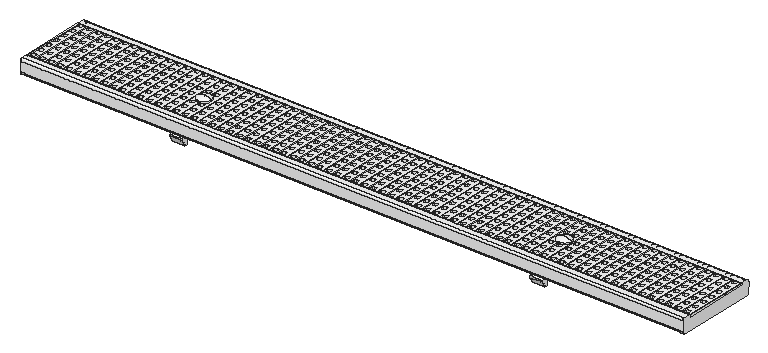
Revit family "T100-PGA-13-FP", category Plumbing Fixtures, host Face, Revit 2018
Family settings
  Host = Face
  Round Connector Dimension = Use Radius
  Part Type = Normal
  Cut with Voids When Loaded = No
  Shared = No
  Room Calculation Point = No
Parameters (values of type "T100-PGA-13-FP")
  WFU = 0
  Visible-2 = yes
  Visible-1 = no
  URL = "WWW.MIFAB.COM"
  Sp = 0.53"
  R1 = 9.0"
  Model = "T100-PGA-13-FP"
  Manufacturer = "MIFAB"
  Length = 39.37"
  L1 = 9.0"
  Floor Drain Material = Paint - Sherwin Williams Paint - #952C2A - Bellwood Red
  Description = "Galvanized Steel Perforated Grate to suit 4\" clear opening channels"
  Default Elevation = 0.0"
  CWFU = 0
  Assembly Code = ""
Types (3): name | Visible-2 | Visible-1 | R1 | Model | Length | L1
  (no name) | yes | no | 9.0" | "T100-PGA-13-FP" | 39.37" | 9.0"
  T100-PGA-13-FP | yes | no | 9.0" | "T100-PGA-13-FP" | 39.37" | 9.0"
  T100-PGA-13-FP-500 | no | yes | 5.0" | "T100-PGA-13-FP-500" | 19.69" | 5.0"
Reference planes (in)
  plane 1 "Center (Front/Back)": y = 0
  plane 2: z = 0
  plane 3 "Center (Left/Right)": x = 0
  plane 4: x = -19.685
  plane 5: x = 19.685
  plane 6: x = -19.61272
  plane 7: x = 19.61272
  plane 8: z = -5.875
  plane 9: y = 2.4
  plane 10: y = -2.4
  plane 11: z = -0.83
  plane 12: y = 1.9
  plane 13: y = -1.9
  plane 14: x = -19.08272
  plane 15: x = -10.685
  plane 16: x = 10.685
Forms (in)
  Extrusion 1, solid, material "Paint - Sherwin Williams Paint - #952C2A - Bellwood Red" <- "Floor Drain Material"
    sketch origin (19.55273, 0, 0) x (0, 1, 0) y (0, 0, -1)
      loop
        line (2.4, 0.12) -> (2.4, 0.71)
        arc (2.4, 0.71) -> (2.36485, 0.79485) -> (2.28, 0.83) r 0.12
        line (2.28, 0.83) -> (-2.28, 0.83)
        arc (-2.28, 0.83) -> (-2.36485, 0.79485) -> (-2.4, 0.71) r 0.12
        line (-2.4, 0.71) -> (-2.4, 0.12)
        arc (-2.4, 0.12) -> (-2.36485, 0.03515) -> (-2.28, 0) r 0.12
        line (-2.28, 0) -> (2.28, 0)
        arc (2.28, 0) -> (2.36485, 0.03515) -> (2.4, 0.12) r 0.12
    from -0.13227 to -0.05999
  Extrusion 2, solid, material "Paint - Sherwin Williams Paint - #952C2A - Bellwood Red" <- "Floor Drain Material"
    sketch origin (-19.55273, 0, 0) x (0, 1, 0) y (0, 0, 1)
      loop
        line (2.28, 0) -> (-2.28, 0)
        arc (-2.28, 0) -> (-2.36485, -0.03515) -> (-2.4, -0.12) r 0.12
        line (-2.4, -0.12) -> (-2.4, -0.71)
        arc (-2.4, -0.71) -> (-2.36485, -0.79485) -> (-2.28, -0.83) r 0.12
        line (-2.28, -0.83) -> (2.28, -0.83)
        arc (2.28, -0.83) -> (2.36485, -0.79485) -> (2.4, -0.71) r 0.12
        line (2.4, -0.71) -> (2.4, -0.12)
        arc (2.4, -0.12) -> (2.36485, -0.03515) -> (2.28, 0) r 0.12
    from -0.13227 to -0.05999
  Extrusion 3, void
    sketch origin (0, 0, 0) x (1, 0, 0) y (0, 1, 0)
      loop
        line (19.685, 2.4) -> (-19.685, 2.4) -> (-19.685, -2.4) -> (19.685, -2.4) -> (19.685, 2.4)
    from 0 to -3.875
  Sweep 4, solid, material "Paint - Sherwin Williams Paint - #952C2A - Bellwood Red" <- "Floor Drain Material"
    path origin (0, 0, 0) x (1, 0, 0) y (0, 1, 0)
      loop
        line (-19.685, 0) -> (19.685, 0)
    profile origin (0, 0, 0) x (0, 1, 0) y (0, 0, 1)
      loop
        arc (2.4, -0.12) -> (2.36485, -0.03515) -> (2.28, 0) r 0.12
        line (2.28, 0) -> (1.9, 0) -> (1.9, -0.1) -> (2.28, -0.1)
        arc (2.28, -0.1) -> (2.29414, -0.10586) -> (2.3, -0.12) r 0.02
        line (2.3, -0.12) -> (2.3, -0.71)
        arc (2.3, -0.71) -> (2.29414, -0.72414) -> (2.28, -0.73) r 0.02
        line (2.28, -0.73) -> (1.9, -0.73) -> (1.9, -0.83) -> (2.28, -0.83)
        arc (2.28, -0.83) -> (2.36485, -0.79485) -> (2.4, -0.71) r 0.12
        line (2.4, -0.71) -> (2.4, -0.12)
      loop
        line (-2.4, -0.12) -> (-2.4, -0.71)
        arc (-2.4, -0.71) -> (-2.36485, -0.79485) -> (-2.28, -0.83) r 0.12
        line (-2.28, -0.83) -> (-1.9, -0.83) -> (-1.9, -0.73) -> (-2.28, -0.73)
        arc (-2.28, -0.73) -> (-2.29414, -0.72414) -> (-2.3, -0.71) r 0.02
        line (-2.3, -0.71) -> (-2.3, -0.12)
        arc (-2.3, -0.12) -> (-2.29414, -0.10586) -> (-2.28, -0.1) r 0.02
        line (-2.28, -0.1) -> (-1.9, -0.1) -> (-1.9, 0) -> (-2.28, 0)
        arc (-2.28, 0) -> (-2.36485, -0.03515) -> (-2.4, -0.12) r 0.12
Cuts and joins
  joined: Extrusion 1, Extrusion 2, Sweep 4
Dimensions and locks (in)
  equal spacing: plane 4, plane 3 "Center (Left/Right)", plane 5
  "Length": plane 4 to plane 5
  locked: plane 4 to plane 6 at 0.07228
  locked: plane 5 to plane 7 at 0.07228
  equal spacing: plane 9, plane 1 "Center (Front/Back)", plane 10
  plane 9 to plane 10 = 4.8"
  locked: plane 2 to plane 11 at 0.83
  locked: plane 9 to plane 12 at 0.5
  locked: plane 13 to plane 10 at 0.5
  plane 12 to plane 13 = 3.8"
  "L1": plane 4 to plane 15
  "R1": plane 16 to plane 5
  aligned and locked: plane 2 to host face
  aligned and locked: level to host face
  aligned and locked: plane 6 to cut or joined group of Extrusion 1, Extrusion 2, Sweep 4
  aligned and locked: cut or joined group of Extrusion 1, Extrusion 2, Sweep 4 to plane 7
  aligned and locked: Extrusion 1 to plane 5
  aligned and locked: plane 5 to Sweep 4 sketch curve
  aligned and locked: plane 4 to Sweep 4 sketch curve
  aligned and locked: plane 1 "Center (Front/Back)" to Sweep 4 sketch curve
  aligned and locked: plane 9 to Sweep 4 sketch curve
  aligned and locked: host face to Sweep 4 sketch curve
  aligned and locked: Sweep 4 sketch curve to plane 10
  aligned and locked: plane 11 to Sweep 4 sketch curve
  aligned and locked: plane 12 to Sweep 4 sketch curve
  aligned and locked: Sweep 4 sketch curve to plane 13
  aligned and locked: cut or joined group of Extrusion 1, Extrusion 2, Sweep 4 to plane 4
  aligned and locked: plane 4 to Extrusion 3 sketch curve
  aligned and locked: Extrusion 3 sketch curve to plane 9
  aligned and locked: plane 5 to Extrusion 3 sketch curve
  aligned and locked: nested 3 to plane 15
  aligned and locked: nested 3 to plane 1 "Center (Front/Back)"
  aligned and locked: nested 2 to plane 3 "Center (Left/Right)"
  aligned and locked: nested 2 to plane 1 "Center (Front/Back)"
  aligned and locked: plane 16 to nested 4
  aligned and locked: nested 4 to plane 1 "Center (Front/Back)"
  aligned and locked: plane 16 to nested 5
  aligned and locked: nested 6 to plane 16
  aligned and locked: nested 5 to plane 12
  aligned and locked: nested 5 to cut or joined group of Extrusion 1, Extrusion 2, Sweep 4
  aligned and locked: Sweep 4 sketch curve to plane 12
  aligned and locked: nested 6 to plane 13
  aligned and locked: plane 15 to nested 8
  aligned and locked: nested 7 to plane 15
  aligned and locked: nested 7 to plane 12
  aligned and locked: nested 8 to plane 13
  aligned and locked: nested 7 to cut or joined group of Extrusion 1, Extrusion 2, Sweep 4
  aligned and locked: nested 8 to cut or joined group of Extrusion 1, Extrusion 2, Sweep 4
Automatic sketch dimensions
  host sketch curve to host sketch curve = 96.0"  (x2)
  Sweep 4 sketch curve to Sweep 4 sketch curve = 0.0"  (x8)
  Sweep 4 sketch curve to Sweep 4 sketch curve = 0.02"  (x4)
  Sweep 4 sketch curve to Sweep 4 sketch curve = 0.38"
  Sweep 4 sketch curve to Sweep 4 sketch curve = 0.1"  (x2)
  Sweep 4 sketch curve to Sweep 4 sketch curve = 0.71"
  level to Sweep 4 sketch curve = 0.0"
  Extrusion 2 sketch curve to plane 9 = 0.0"
  Extrusion 2 sketch curve to Extrusion 2 sketch curve = 0.12"  (x2)
  Extrusion 2 sketch curve to plane 11 = 0.0"
  plane 9 to Extrusion 2 sketch curve = 0.12"
  Extrusion 2 sketch curve to plane 10 = 0.0"
  Extrusion 2 sketch curve to level = 0.12"
  Extrusion 2 sketch curve to level = 0.0"
  Extrusion 1 sketch curve to plane 9 = 0.0"
  plane 11 to Extrusion 1 sketch curve = 0.12"
  Extrusion 1 sketch curve to plane 11 = 0.0"
  plane 10 to Extrusion 1 sketch curve = 0.12"
  Extrusion 1 sketch curve to Extrusion 1 sketch curve = 0.12"
  plane 9 to Extrusion 1 sketch curve = 0.12"
  Extrusion 1 sketch curve to level = 0.0"
  Extrusion 1 sketch curve to plane 10 = 0.0"
  Extrusion 3 sketch curve to plane 10 = 0.0"
Nested families (in)
  nested 1: "Jali02" at (0, 0, 0), type "Jali02"
  nested 2: "01.Bolt01" at (0, 0, 0) x (-1, 0, 0) z (0, 0, 1), visible <- "Visible-1", type "01.Bolt01"
  nested 3: "01.Bolt01" at (-10.685, 0, 0) x (-1, 0, 0) z (0, 0, 1), visible <- "Visible-2", type "01.Bolt01"
  nested 4: "01.Bolt01" at (10.685, 0, 0) x (-1, 0, 0) z (0, 0, 1), visible <- "Visible-2", type "01.Bolt01"
  nested 5: "LK" at (10.685, 1.76757, -0.1) x (0, -1, 0) z (0, 0, 1), type "LK"
  nested 6: "LK" at (10.685, -1.76757, -0.1) x (0, 1, 0) z (0, 0, 1), type "LK"
  nested 7: "LK" at (-10.685, 1.76757, -0.1) x (0, -1, 0) z (0, 0, 1), type "LK"
  nested 8: "LK" at (-10.685, -1.76757, -0.1) x (0, 1, 0) z (0, 0, 1), type "LK"
Definition of nested family "Jali02"
  Parameters (values of type "Jali02")
    Spacing Count = Length / Spacing  # 74
    Spacing = 0.53006"
    Material = none
    Length = 39.37"
  Reference planes (in)
    plane 1 "Center (Front/Back)": y = 0
    plane 2: z = 0
    plane 3 "Center (Left/Right)": x = 0
    plane 4: x = -19.685
    plane 5: x = 19.685
    plane 6: x = -19.15494
  Dimensions and locks (in)
    equal spacing: plane 4, plane 3 "Center (Left/Right)", plane 5
    "Length": plane 4 to plane 5
    "Spacing": plane 4 to plane 6
    equal spacing: group 1, group 3, group 4, group 5, group 6, group 7, group 8, group 9, group 10, group 11, group 12, group 13, group 14, group 15, group 16, group 17, group 18, group 19, group 20, group 21, group 22, group 23, group 24, group 25, group 26, group 27, group 28, group 29, group 30, group 31, group 32, group 33, group 34, group 35, group 36, group 37, group 38, group 39, group 40, group 41, group 42, group 43, group 44, group 45, group 46, group 47, group 48, group 49, group 50, group 51, group 52, group 53, group 54, group 55, group 56, group 57, group 58, group 59, group 60, group 61, group 62, group 63, group 64, group 65, group 66, group 67, group 68, group 69, group 70, group 71, group 72, group 73, group 74, group 2  (x3)
    aligned and locked: level to plane 2
    aligned and locked: nested 2 to plane 5
    aligned and locked: nested 1 to plane 4
  Nested families (in)
    nested 1: "Jali01" at (-19.42, 0, 0), type "Jali01"
    nested 2: "Jali01" at (19.41994, 0, 0), type "Jali01"
    nested 3: "Jali01" at (-18.88795, 0, 0), type "Jali01"
    nested 4: "Jali01" at (-18.35589, 0, 0), type "Jali01"
    nested 5: "Jali01" at (-17.82384, 0, 0), type "Jali01"
    nested 6: "Jali01" at (-17.29178, 0, 0), type "Jali01"
    nested 7: "Jali01" at (-16.75973, 0, 0), type "Jali01"
    nested 8: "Jali01" at (-16.22768, 0, 0), type "Jali01"
    nested 9: "Jali01" at (-15.69562, 0, 0), type "Jali01"
    nested 10: "Jali01" at (-15.16357, 0, 0), type "Jali01"
    nested 11: "Jali01" at (-14.63151, 0, 0), type "Jali01"
    nested 12: "Jali01" at (-14.09946, 0, 0), type "Jali01"
    nested 13: "Jali01" at (-13.56741, 0, 0), type "Jali01"
    nested 14: "Jali01" at (-13.03535, 0, 0), type "Jali01"
    nested 15: "Jali01" at (-12.5033, 0, 0), type "Jali01"
    nested 16: "Jali01" at (-11.97124, 0, 0), type "Jali01"
    nested 17: "Jali01" at (-11.43919, 0, 0), type "Jali01"
    nested 18: "Jali01" at (-10.90714, 0, 0), type "Jali01"
    nested 19: "Jali01" at (-10.37508, 0, 0), type "Jali01"
    nested 20: "Jali01" at (-9.84303, 0, 0), type "Jali01"
    nested 21: "Jali01" at (-9.31097, 0, 0), type "Jali01"
    nested 22: "Jali01" at (-8.77892, 0, 0), type "Jali01"
    nested 23: "Jali01" at (-8.24687, 0, 0), type "Jali01"
    nested 24: "Jali01" at (-7.71481, 0, 0), type "Jali01"
    nested 25: "Jali01" at (-7.18276, 0, 0), type "Jali01"
    nested 26: "Jali01" at (-6.6507, 0, 0), type "Jali01"
    nested 27: "Jali01" at (-6.11865, 0, 0), type "Jali01"
    nested 28: "Jali01" at (-5.5866, 0, 0), type "Jali01"
    nested 29: "Jali01" at (-5.05454, 0, 0), type "Jali01"
    nested 30: "Jali01" at (-4.52249, 0, 0), type "Jali01"
    nested 31: "Jali01" at (-3.99044, 0, 0), type "Jali01"
    nested 32: "Jali01" at (-3.45838, 0, 0), type "Jali01"
    nested 33: "Jali01" at (-2.92633, 0, 0), type "Jali01"
    nested 34: "Jali01" at (-2.39427, 0, 0), type "Jali01"
    nested 35: "Jali01" at (-1.86222, 0, 0), type "Jali01"
    nested 36: "Jali01" at (-1.33017, 0, 0), type "Jali01"
    nested 37: "Jali01" at (-0.79811, 0, 0), type "Jali01"
    nested 38: "Jali01" at (-0.26606, 0, 0), type "Jali01"
    nested 39: "Jali01" at (0.266, 0, 0), type "Jali01"
    nested 40: "Jali01" at (0.79805, 0, 0), type "Jali01"
    nested 41: "Jali01" at (1.3301, 0, 0), type "Jali01"
    nested 42: "Jali01" at (1.86216, 0, 0), type "Jali01"
    nested 43: "Jali01" at (2.39421, 0, 0), type "Jali01"
    nested 44: "Jali01" at (2.92627, 0, 0), type "Jali01"
    nested 45: "Jali01" at (3.45832, 0, 0), type "Jali01"
    nested 46: "Jali01" at (3.99037, 0, 0), type "Jali01"
    nested 47: "Jali01" at (4.52243, 0, 0), type "Jali01"
    nested 48: "Jali01" at (5.05448, 0, 0), type "Jali01"
    nested 49: "Jali01" at (5.58654, 0, 0), type "Jali01"
    nested 50: "Jali01" at (6.11859, 0, 0), type "Jali01"
    nested 51: "Jali01" at (6.65064, 0, 0), type "Jali01"
    nested 52: "Jali01" at (7.1827, 0, 0), type "Jali01"
    nested 53: "Jali01" at (7.71475, 0, 0), type "Jali01"
    nested 54: "Jali01" at (8.24681, 0, 0), type "Jali01"
    nested 55: "Jali01" at (8.77886, 0, 0), type "Jali01"
    nested 56: "Jali01" at (9.31091, 0, 0), type "Jali01"
    nested 57: "Jali01" at (9.84297, 0, 0), type "Jali01"
    nested 58: "Jali01" at (10.37502, 0, 0), type "Jali01"
    nested 59: "Jali01" at (10.90708, 0, 0), type "Jali01"
    nested 60: "Jali01" at (11.43913, 0, 0), type "Jali01"
    nested 61: "Jali01" at (11.97118, 0, 0), type "Jali01"
    nested 62: "Jali01" at (12.50324, 0, 0), type "Jali01"
    nested 63: "Jali01" at (13.03529, 0, 0), type "Jali01"
    nested 64: "Jali01" at (13.56735, 0, 0), type "Jali01"
    nested 65: "Jali01" at (14.0994, 0, 0), type "Jali01"
    nested 66: "Jali01" at (14.63145, 0, 0), type "Jali01"
    nested 67: "Jali01" at (15.16351, 0, 0), type "Jali01"
    nested 68: "Jali01" at (15.69556, 0, 0), type "Jali01"
    nested 69: "Jali01" at (16.22762, 0, 0), type "Jali01"
    nested 70: "Jali01" at (16.75967, 0, 0), type "Jali01"
    nested 71: "Jali01" at (17.29172, 0, 0), type "Jali01"
    nested 72: "Jali01" at (17.82378, 0, 0), type "Jali01"
    nested 73: "Jali01" at (18.35583, 0, 0), type "Jali01"
    nested 74: "Jali01" at (18.88789, 0, 0), type "Jali01"
  Definition of nested family "Jali01"
    Parameters (values of type "Jali01")
      Material = none
    Reference planes (in)
      plane 1 "Center (Front/Back)": y = 0
      plane 2: z = 0
      plane 3 "Center (Left/Right)": x = 0
      plane 4: y = 1.9
      plane 5: y = -1.9
      plane 6: x = -0.265
      plane 7: x = 0.26506
      plane 8: z = -0.1
      plane 9: y = -1.3125
      plane 10: y = -0.875
      plane 11: y = -0.4375
      plane 12: y = 0.4375
      plane 13: y = 0.875
      plane 14: y = 1.3125
      plane 15: y = 1.75
      plane 16: y = -1.75
    Forms (in)
      Extrusion 1, solid, material <- "Material"
        sketch origin (0, 0, 0) x (1, 0, 0) y (0, 1, 0)
          loop
            line (-0.265, 1.9) -> (-0.265, -1.9) -> (0.26506, -1.9) -> (0.26506, 1.9) -> (-0.265, 1.9)
          loop
            circle (0, -1.75) r 0.135
          loop
            circle (0, 1.75) r 0.135
          loop
            circle (0, -1.16667) r 0.135
          loop
            circle (0, -0.58333) r 0.135
          loop
            circle (0, 0) r 0.135
          loop
            circle (0, 0.58333) r 0.135
          loop
            circle (0, 1.16667) r 0.135
        from 0 to -0.1
    Dimensions and locks (in)
      equal spacing: plane 4, plane 1 "Center (Front/Back)", plane 5
      plane 4 to plane 5 = 3.8"
      locked: plane 16 to plane 5 at 0.15
      locked: plane 4 to plane 15 at 0.15
      plane 5 to plane 9 to plane 10 to plane 11 to plane 1 "Center (Front/Back)" to plane 12 to plane 13 to plane 14 to plane 4 = 0.5875", 0.4375", 0.4375", 0.4375", 0.4375", 0.4375", 0.4375", 0.5875"
      equal spacing: plane 16, Extrusion 1 sketch curve, Extrusion 1 sketch curve, plane 1 "Center (Front/Back)"
      equal spacing: plane 1 "Center (Front/Back)", Extrusion 1 sketch curve, Extrusion 1 sketch curve, plane 15
      aligned and locked: level to plane 2
      aligned and locked: Extrusion 1 sketch curve to plane 4
      aligned and locked: plane 6 to Extrusion 1 sketch curve
      aligned and locked: plane 5 to Extrusion 1 sketch curve
      aligned and locked: Extrusion 1 sketch curve to plane 7
      aligned and locked: Extrusion 1 to plane 8
      aligned and locked: level to Extrusion 1
    Automatic sketch dimensions
      Extrusion 1 sketch curve to plane 3 "Center (Left/Right)" = 0.0"  (x7)
      plane 16 to Extrusion 1 sketch curve = 0.0"
      Extrusion 1 sketch curve to plane 15 = 0.0"
      plane 1 "Center (Front/Back)" to Extrusion 1 sketch curve = 0.0"
      radius of Extrusion 1 sketch curve = 0.135"  (x7)
Definition of nested family "01.Bolt01"
  Parameters (values of type "01.Bolt01")
    Material = none
    Default Elevation = 48.0"
  Reference planes (in)
    plane 1 "Center (Front/Back)": y = 0
    plane 2: z = 0
    plane 3 "Center (Left/Right)": x = 0
  Forms (in)
    Extrusion 1, solid
      sketch origin (0, 0, 0) x (1, 0, 0) y (0, 1, 0)
        loop
          line (-48, 48) -> (-48, -48) -> (48, -48) -> (48, 48) -> (-48, 48)
      from 0 to -12
    Revolve 2, solid, material <- "Material"
      sketch origin (0, 0, 0) x (1, 0, 0) y (0, 0, 1)
        loop
          line (0, 0.17308) -> (0, -1.64303) -> (0.13167, -1.64303) -> (0.17198, -1.60271) -> (0.17198, 0) -> (0.41477, 0) -> (0.41477, 0.03442)
          arc (0.41477, 0.03442) -> (0.21865, 0.13746) -> (0, 0.17308) r 0.69039
        axis (0, -1.64303) -> (0, 0.17308)
      angle from 0 to 360
    Extrusion 3, solid, material <- "Material"
      sketch origin (0, 0, 0) x (1, 0, 0) y (0, 1, 0)
        loop
          line (0.30193, 0) -> (0.15096, 0.26148) -> (-0.15096, 0.26148) -> (-0.30193, 0) -> (-0.15096, -0.26148) -> (0.15096, -0.26148) -> (0.30193, 0)
        loop
          circle (0, 0) r 0.17198
      from -1.15546 to -1.36901
  Dimensions and locks (in)
    aligned and locked: plane 2 to Extrusion 1
    aligned and locked: level to Extrusion 1
Definition of nested family "LK"
  Parameters (values of type "LK")
    W = 0.75"
    Material = none
  Reference planes (in)
    plane 1 "Center (Front/Back)": y = 0
    plane 2: z = 0
    plane 3 "Center (Left/Right)": x = 0
    plane 4: y = 0.375
    plane 5: y = -0.375
  Forms (in)
    Extrusion 1, solid, material <- "Material"
      sketch origin (0, 0.62804, 0) x (1, 0, 0) y (0, 0, 1)
        loop
          line (-0.13243, 0) -> (-0.13243, -0.94239) -> (-0.29356, -1.03542)
          arc (-0.29356, -1.03542) -> (-0.32336, -1.07425) -> (-0.31697, -1.12277) r 0.06394
          line (-0.31697, -1.12277) -> (-0.1136, -1.47502) -> (0, -1.47502) -> (0, 0) -> (-0.13243, 0)
      from 0.25304 to 1.00304
  Dimensions and locks (in)
    equal spacing: plane 4, plane 1 "Center (Front/Back)", plane 5
    "W": plane 4 to plane 5
    aligned and locked: level to plane 2
    aligned and locked: plane 4 to Extrusion 1
    aligned and locked: Extrusion 1 to plane 5
  Automatic sketch dimensions
    Extrusion 1 sketch curve to level = 0.0"
    Extrusion 1 sketch curve to plane 3 "Center (Left/Right)" = 0.0"
    Extrusion 1 sketch curve to plane 3 "Center (Left/Right)" = 0.1136"
    Extrusion 1 sketch curve to plane 3 "Center (Left/Right)" = 0.13243"
    Extrusion 1 sketch curve to Extrusion 1 sketch curve = 0.12916"
    Extrusion 1 sketch curve to Extrusion 1 sketch curve = 0.03197"
    Extrusion 1 sketch curve to Extrusion 1 sketch curve = 0.05538"  (x2)
    Extrusion 1 sketch curve to level = 0.94239"
    Extrusion 1 sketch curve to Extrusion 1 sketch curve = 0.09303"
    Extrusion 1 sketch curve to Extrusion 1 sketch curve = 0.38422"
